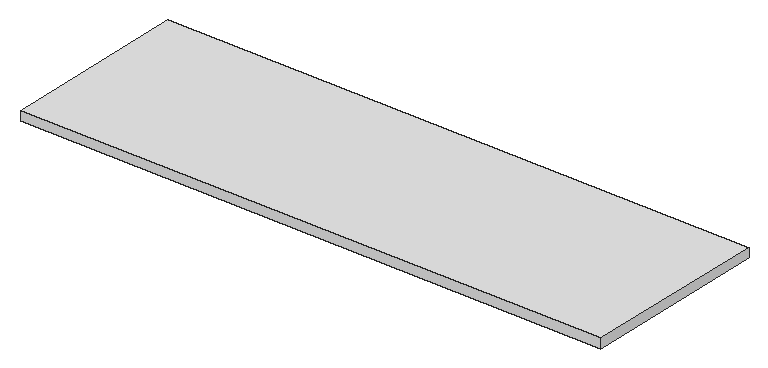
Revit family "11-TRIMBOARD-AND-STEALTH-TRIM-CADS-91-1x16-trim-4-REVIT_Versatex-Generic-Model-1in-x-16in-TRIMBOARD", category Generic Models, host Face, Revit 2026
Family settings
  Host = Face
  Can host rebar = No
  Round Connector Dimension = Use Diameter
  Part Type = Normal
  Cut with Voids When Loaded = No
  Maintain Annotation Orientation = No
  Shared = No
  Room Calculation Point = No
Parameters
  Model = "TBSM/TR011618"
  Length = 4' - 0"
  Warranty = "https://versatex.com/warranty/"
  URL = "https://versatex.com/"
  Specification = "https://www.arcat.com/company/versatex-45716/spec?coid=45716"
  Sales Information = "https://versatex.com/dealer-locator/"
  Message Manufacturer = "https://versatex.com/contact/"
  Material = Versatex PVC - Smooth
  Manufacturer Website = "https://versatex.com/"
  Manufacturer Phone = "724-857-1111"
  Manufacturer Fax = "724-857-1171"
  Manufacturer Address = "400 Steel Street, Aliquippa, PA 15001"
  Manufacturer = "Versatex"
  Literature = "https://versatex.com/literature/?_sft_literature_category=cads"
  Description = "NOMINAL 1” x 16” TRIMBOARD"
  Default Elevation = 4' - 0"
  Copyright = "© 2024 VERSATEX Building Products, LLC"
Reference planes (in)
  plane 1 "Center (Front/Back)": y = 0
  plane 2: z = 0
  plane 3 "Center (Left/Right)": x = 0
  plane 4: x = 24
  plane 5: x = -24
Forms (in)
  Sweep 1, solid, material "Versatex PVC - Smooth" <- "Material"
    path origin (0, 0, 0) x (1, 0, 0) y (0, 1, 0)
      loop
        line (-24, 0) -> (24, 0)
    profile "Versatex_Profile_1” x 16” TRIMBOARD : Versatex_Profile_1” x 16” TRIMBOARD" origin (0, 0, 0) x (0, 1, 0) y (0, 0, 1)
      loop
        line (0, 0) -> (15.25, 0) -> (15.25, 0.75) -> (0, 0.75) -> (0, 0)
Dimensions and locks (in)
  "Length": plane 5 to plane 4
  equal spacing: plane 5, plane 3 "Center (Left/Right)", plane 4, locked at 24 each
  aligned and locked: plane 2 to host face
  aligned and locked: level to host face
Automatic sketch dimensions
  host sketch curve to host sketch curve = 8' - 0"  (x2)
  plane 1 "Center (Front/Back)" to Sweep 1 sketch curve = 0' - 0"
  Sweep 1 sketch curve to plane 5 = 0' - 0"
  Sweep 1 sketch curve to plane 4 = 0' - 0"
